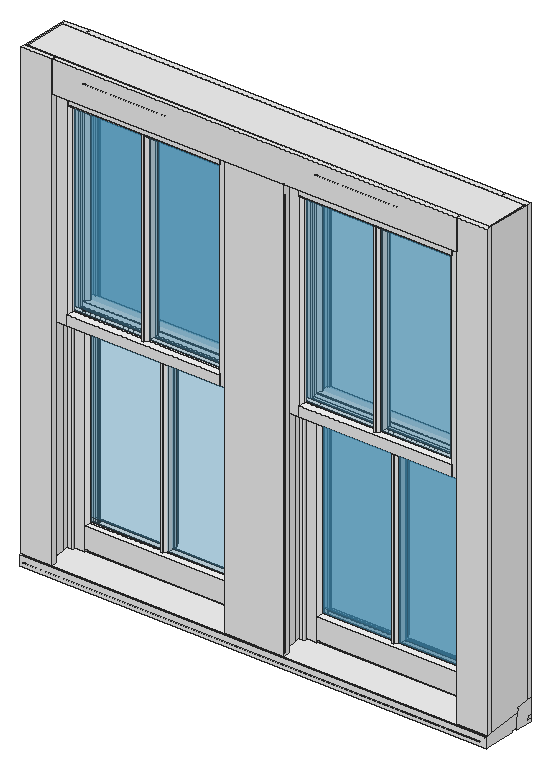
Revit family "B2-22V", category Windows, host Wall, Revit 2012 (continued)
Dimensions and locks
  locked: plane 6 "Sill" to plane 18 at 33
  locked: plane 19 to plane 7 "Top" at 82
  locked: plane 6 "Sill" to plane 20 at 68
  locked: plane 3 "Center (Left/Right)" to plane 21 at 68
  locked: plane 5 "Right" to plane 22 at 82
  locked: plane 3 "Center (Left/Right)" to plane 23 at 78
  plane 25 to plane 9 = 22 mm
  plane 9 to plane 24 = 22 mm
  locked: Sweep 22 sketch curve to Sweep 22 sketch curve at 2  (x3)
  locked: Sweep 22 sketch curve to Sweep 22 sketch curve at 12
  locked: Sweep 22 sketch curve to Sweep 22 sketch curve at 9.301  (x2)
  locked: Sweep 22 sketch curve to Sweep 22 sketch curve at 5  (x2)
  locked: Sweep 22 sketch curve to Sweep 22 sketch curve at 12.954
  locked: plane 3 "Center (Left/Right)" to plane 26 at 122.245
  locked: plane 3 "Center (Left/Right)" to plane 27 at 122.245
  locked: Sweep 26 sketch curve to Sweep 26 sketch curve at 2  (x3)
  locked: Sweep 26 sketch curve to Sweep 26 sketch curve at 12
  locked: Sweep 26 sketch curve to Sweep 26 sketch curve at 9.301  (x2)
  locked: Sweep 26 sketch curve to Sweep 26 sketch curve at 5  (x2)
  locked: Sweep 26 sketch curve to Sweep 26 sketch curve at 12.954
  locked: Sweep 29 sketch curve to Sweep 29 sketch curve at 2  (x3)
  locked: Sweep 29 sketch curve to Sweep 29 sketch curve at 12
  locked: Sweep 29 sketch curve to Sweep 29 sketch curve at 9.301  (x2)
  locked: Sweep 29 sketch curve to Sweep 29 sketch curve at 5  (x2)
  locked: Sweep 29 sketch curve to Sweep 29 sketch curve at 12.954
  locked: Sweep 30 sketch curve to Sweep 30 sketch curve at 2  (x3)
  locked: Sweep 30 sketch curve to Sweep 30 sketch curve at 12
  locked: Sweep 30 sketch curve to Sweep 30 sketch curve at 9.301  (x2)
  locked: Sweep 30 sketch curve to Sweep 30 sketch curve at 5  (x2)
  locked: Sweep 30 sketch curve to Sweep 30 sketch curve at 12.954
  equal spacing: plane 3 "Center (Left/Right)", plane 28, plane 4 "Left"
  locked: Extrusion 59 to Extrusion 59 at 4
  locked: Extrusion 60 to Extrusion 60 at 4
  locked: Extrusion 61 to Extrusion 61 at 4
  locked: Extrusion 62 to Extrusion 62 at 4
  locked: Extrusion 63 to Extrusion 63 at 4
  locked: Extrusion 64 to Extrusion 64 at 4
  locked: Extrusion 65 to Extrusion 65 at 4
  locked: Extrusion 66 to Extrusion 66 at 4
  locked: Extrusion 67 to Extrusion 67 at 4
  locked: Extrusion 68 to Extrusion 68 at 4
  locked: Extrusion 69 to Extrusion 69 at 4
  locked: Extrusion 70 to Extrusion 70 at 4
  locked: Extrusion 71 to Extrusion 71 at 4
  locked: Extrusion 72 to Extrusion 72 at 4
  locked: Extrusion 73 to Extrusion 73 at 4
  locked: Extrusion 74 to Extrusion 74 at 4
  locked: Extrusion 75 to Extrusion 75 at 4
  locked: Extrusion 76 to Extrusion 76 at 4
  locked: Extrusion 77 to Extrusion 77 at 4
  locked: Extrusion 78 to Extrusion 78 at 4
  locked: plane 30 to plane 7 "Top" at 86
  Sweep 87 sketch curve to Sweep 87 sketch curve = 25 mm
  Sweep 87 sketch curve to Sweep 87 sketch curve = 16 mm
  locked: Sweep 87 sketch curve to Sweep 87 sketch curve at 2
  locked: Sweep 87 sketch curve to Sweep 87 sketch curve at 3
  locked: Sweep 87 sketch curve to Sweep 87 sketch curve at 4
  Sweep 12 to Sweep 26 sketch curve = 23.632 mm
  equal spacing: plane 27, plane 29, plane 13
  aligned and locked: plane 7 "Top" to Opening 1 sketch curve
  aligned and locked: plane 6 "Sill" to Opening 1 sketch curve  (x2)
  aligned and locked: plane 5 "Right" to Opening 1 sketch curve
  aligned and locked: plane 4 "Left" to Opening 1 sketch curve
  aligned and locked: level to plane 2
  aligned and locked: plane 7 "Top" to Sweep 2 sketch curve
  aligned and locked: plane 7 "Top" to Sweep 3 sketch curve
  aligned and locked: plane 7 "Top" to Sweep 1 sketch curve
  aligned and locked: plane 10 to Sweep 3 sketch curve
  aligned and locked: plane 11 to Sweep 3 sketch curve
  aligned and locked: Sweep 4 sketch curve to plane 5 "Right"
  aligned and locked: plane 6 "Sill" to Sweep 4 sketch curve
  aligned and locked: Sweep 5 sketch curve to plane 5 "Right"
  aligned and locked: plane 6 "Sill" to Sweep 5 sketch curve
  aligned and locked: Sweep 7 sketch curve to plane 4 "Left"
  aligned and locked: plane 6 "Sill" to Sweep 7 sketch curve
  aligned and locked: Sweep 6 sketch curve to plane 4 "Left"
  aligned and locked: plane 7 "Top" to Sweep 6 sketch curve
  aligned and locked: plane 6 "Sill" to Sweep 6 sketch curve
  aligned and locked: plane 5 "Right" to Sweep 8 sketch curve
  aligned and locked: plane 6 "Sill" to Sweep 8 sketch curve
  aligned and locked: plane 5 "Right" to Sweep 9 sketch curve
  aligned and locked: plane 6 "Sill" to Sweep 9 sketch curve
  aligned and locked: plane 6 "Sill" to Sweep 10 sketch curve
  aligned and locked: plane 4 "Left" to Sweep 10 sketch curve
  aligned and locked: plane 5 "Right" to Sweep 11 sketch curve
  aligned and locked: plane 4 "Left" to Sweep 11 sketch curve
  aligned and locked: plane 5 "Right" to Sweep 12 sketch curve
  aligned and locked: plane 4 "Left" to Sweep 12 sketch curve
  aligned and locked: plane 7 "Top" to Sweep 13 sketch curve
  aligned and locked: plane 16 to Sweep 14 sketch curve
  aligned and locked: plane 3 "Center (Left/Right)" to Sweep 14 sketch curve
  aligned and locked: plane 18 to Sweep 14 sketch curve
  aligned and locked: plane 3 "Center (Left/Right)" to Sweep 15 sketch curve
  aligned and locked: plane 16 to Sweep 15 sketch curve
  aligned and locked: plane 18 to Sweep 15 sketch curve
  aligned and locked: plane 3 "Center (Left/Right)" to Sweep 16 sketch curve
  aligned and locked: plane 16 to Sweep 16 sketch curve
  aligned and locked: plane 18 to Sweep 16 sketch curve
  aligned and locked: plane 3 "Center (Left/Right)" to Sweep 17 sketch curve
  aligned and locked: plane 18 to Sweep 17 sketch curve
  aligned and locked: plane 16 to Sweep 17 sketch curve
  aligned and locked: plane 3 "Center (Left/Right)" to Sweep 18 sketch curve
  aligned and locked: plane 16 to Sweep 18 sketch curve
  aligned and locked: plane 18 to Sweep 18 sketch curve
  aligned and locked: Sweep 19 sketch curve to plane 19
  aligned and locked: plane 20 to Sweep 19 sketch curve
  aligned and locked: plane 19 to Sweep 20 sketch curve
  aligned and locked: Sweep 20 sketch curve to plane 23
  aligned and locked: plane 22 to Sweep 20 sketch curve
  aligned and locked: Sweep 20 sketch curve to plane 20
  aligned and locked: Sweep 21 sketch curve to plane 24
  aligned and locked: plane 9 to curve 2
  aligned and locked: Sweep 22 sketch curve to Sweep 22 sketch curve
  aligned and locked: plane 4 "Left" to Sweep 23 sketch curve
  aligned and locked: plane 6 "Sill" to Sweep 23 sketch curve
  aligned and locked: plane 13 to Sweep 24 sketch curve
  aligned and locked: plane 26 to Sweep 25 sketch curve
  aligned and locked: plane 12 to Sweep 25 sketch curve
  aligned and locked: Sweep 25 sketch curve to plane 16
  aligned and locked: Sweep 22 sketch curve to plane 28
  aligned and locked: Sweep 26 sketch curve to Sweep 26 sketch curve
  aligned and locked: Sweep 26 sketch curve to plane 29
  aligned and locked: Sweep 27 sketch curve to plane 20
  aligned and locked: Sweep 28 sketch curve to plane 20
  aligned and locked: Sweep 29 sketch curve to Sweep 29 sketch curve
  aligned and locked: Sweep 30 sketch curve to Sweep 30 sketch curve
  aligned and locked: plane 14 to Sweep 31 sketch curve
  aligned and locked: plane 24 to Sweep 31 sketch curve
  aligned and locked: plane 29 to Sweep 31 sketch curve
  aligned and locked: plane 14 to Sweep 32 sketch curve
  aligned and locked: Sweep 32 sketch curve to plane 28
  aligned and locked: plane 24 to Sweep 32 sketch curve
  aligned and locked: Sweep 33 sketch curve to plane 29
  aligned and locked: plane 25 to Sweep 33 sketch curve
  aligned and locked: plane 15 to Sweep 33 sketch curve
  aligned and locked: plane 28 to Sweep 34 sketch curve
  aligned and locked: plane 15 to Sweep 34 sketch curve
  aligned and locked: plane 25 to Sweep 34 sketch curve
  aligned and locked: Sweep 28 to Sweep 30 sketch curve
  aligned and locked: plane 15 to Sweep 29 sketch curve
  aligned and locked: Sweep 35 sketch curve to plane 28
  aligned and locked: plane 14 to Sweep 35 sketch curve
  aligned and locked: plane 16 to Sweep 36 sketch curve
  aligned and locked: plane 9 to Sweep 36 sketch curve
  aligned and locked: Sweep 36 sketch curve to plane 22
  aligned and locked: plane 16 to Sweep 37 sketch curve
  aligned and locked: plane 22 to Sweep 37 sketch curve
  aligned and locked: plane 23 to Sweep 38 sketch curve
  aligned and locked: plane 9 to Sweep 38 sketch curve
  aligned and locked: plane 16 to Sweep 38 sketch curve
  aligned and locked: plane 21 to Sweep 39 sketch curve
  aligned and locked: plane 16 to Sweep 39 sketch curve
  aligned and locked: plane 21 to Sweep 40 sketch curve
  aligned and locked: plane 16 to Sweep 41 sketch curve
  aligned and locked: plane 9 to Sweep 41 sketch curve
  aligned and locked: plane 16 to Sweep 42 sketch curve
  aligned and locked: Sweep 43 sketch curve to plane 22
  aligned and locked: plane 9 to Sweep 43 sketch curve
  aligned and locked: plane 6 "Sill" to Sweep 43 sketch curve
  aligned and locked: plane 6 "Sill" to Sweep 44 sketch curve
  aligned and locked: plane 9 to Sweep 44 sketch curve
  aligned and locked: Sweep 44 sketch curve to plane 23
  aligned and locked: Sweep 45 sketch curve to plane 21
  aligned and locked: plane 6 "Sill" to Sweep 45 sketch curve
  aligned and locked: plane 9 to Sweep 45 sketch curve
  aligned and locked: plane 6 "Sill" to Sweep 46 sketch curve
  aligned and locked: plane 9 to Sweep 46 sketch curve
  aligned and locked: plane 16 to Sweep 24 sketch curve
  aligned and locked: plane 9 to Sweep 24 sketch curve
  aligned and locked: plane 6 "Sill" to Sweep 47 sketch curve
  aligned and locked: plane 9 to Sweep 47 sketch curve
  aligned and locked: plane 16 to Sweep 48 sketch curve
  aligned and locked: plane 13 to Sweep 48 sketch curve
  aligned and locked: plane 9 to Sweep 48 sketch curve
  aligned and locked: Sweep 49 sketch curve to plane 27
  aligned and locked: plane 16 to Sweep 49 sketch curve
  aligned and locked: plane 9 to Sweep 49 sketch curve
  aligned and locked: Sweep 50 sketch curve to plane 27
  aligned and locked: plane 6 "Sill" to Sweep 50 sketch curve
  aligned and locked: plane 9 to Sweep 50 sketch curve
  aligned and locked: plane 14 to Sweep 51 sketch curve
  aligned and locked: plane 9 to Sweep 51 sketch curve
  aligned and locked: Sweep 51 sketch curve to plane 27
  aligned and locked: plane 6 "Sill" to Sweep 52 sketch curve
  aligned and locked: plane 9 to Sweep 52 sketch curve
  aligned and locked: Sweep 52 sketch curve to plane 27
  aligned and locked: plane 9 to Sweep 53 sketch curve
  aligned and locked: plane 16 to Sweep 53 sketch curve
  aligned and locked: plane 26 to Sweep 53 sketch curve
  aligned and locked: plane 26 to Sweep 54 sketch curve
  aligned and locked: plane 6 "Sill" to Sweep 54 sketch curve
  aligned and locked: plane 9 to Sweep 54 sketch curve
  aligned and locked: plane 16 to Sweep 55 sketch curve
  aligned and locked: plane 9 to Sweep 55 sketch curve
  aligned and locked: plane 26 to Sweep 55 sketch curve
  aligned and locked: plane 16 to Sweep 56 sketch curve
  aligned and locked: Sweep 56 sketch curve to plane 12
  aligned and locked: plane 9 to Sweep 56 sketch curve
  aligned and locked: plane 6 "Sill" to Sweep 57 sketch curve
  aligned and locked: plane 9 to Sweep 57 sketch curve
  aligned and locked: Sweep 57 sketch curve to plane 12
  aligned and locked: plane 16 to Sweep 58 sketch curve
  aligned and locked: plane 9 to Sweep 58 sketch curve
  aligned and locked: Sweep 58 sketch curve to plane 12
  aligned and locked: plane 10 to Extrusion 59 sketch curve
  aligned and locked: plane 9 to Extrusion 59 sketch curve
  aligned and locked: Extrusion 59 sketch curve to plane 14
  aligned and locked: Extrusion 59 sketch curve to plane 27
  aligned and locked: Extrusion 60 to Sweep 51
  aligned and locked: plane 10 to Extrusion 60 sketch curve
  aligned and locked: Extrusion 60 sketch curve to plane 14
  aligned and locked: Extrusion 60 sketch curve to plane 27
  aligned and locked: plane 9 to Extrusion 60 sketch curve
  aligned and locked: Extrusion 61 to Sweep 49
  aligned and locked: plane 26 to Extrusion 68 sketch curve
  aligned and locked: plane 14 to Extrusion 68 sketch curve
  aligned and locked: plane 12 to Extrusion 68 sketch curve
  aligned and locked: Extrusion 68 sketch curve to plane 9
  aligned and locked: plane 15 to Extrusion 69 sketch curve
  aligned and locked: Extrusion 69 sketch curve to plane 13
  aligned and locked: Extrusion 69 sketch curve to plane 9
  aligned and locked: Extrusion 69 sketch curve to plane 27
  aligned and locked: plane 16 to Sweep 8 sketch curve
  aligned and locked: plane 16 to Sweep 9 sketch curve
  aligned and locked: plane 16 to Sweep 5 sketch curve
  aligned and locked: plane 16 to Sweep 10 sketch curve
  aligned and locked: plane 16 to Sweep 23 sketch curve
  aligned and locked: plane 16 to Sweep 7 sketch curve
  aligned and locked: Sweep 19 sketch curve to Sweep 14
  aligned and locked: plane 11 to Sweep 1 sketch curve
  aligned and locked: plane 7 "Top" to Sweep 81 sketch curve
  aligned and locked: plane 7 "Top" to Sweep 79 sketch curve
  aligned and locked: plane 7 "Top" to Sweep 80 sketch curve
  aligned and locked: plane 7 "Top" to Sweep 4 sketch curve
  aligned and locked: Sweep 84 sketch curve to Sweep 81
  aligned and locked: plane 22 to Sweep 84 sketch curve
  aligned and locked: plane 7 "Top" to Sweep 84 sketch curve
  aligned and locked: plane 25 to Sweep 42 sketch curve
  aligned and locked: plane 25 to Sweep 40 sketch curve
  aligned and locked: plane 16 to Sweep 40 sketch curve
  aligned and locked: plane 25 to Sweep 37 sketch curve
  aligned and locked: plane 12 to Sweep 88 sketch curve
  aligned and locked: plane 9 to Sweep 89 sketch curve
  aligned and locked: plane 13 to Sweep 89 sketch curve
  aligned and locked: Sweep 86 to Sweep 26 sketch curve
  aligned and locked: Sweep 25 to Sweep 22 sketch curve
  aligned and locked: Sweep 91 to Sweep 87 sketch curve
Automatic sketch dimensions
  Sweep 1 sketch curve to plane 10 = 0.079 mm
  Sweep 1 sketch curve to profile plane = 0 mm
  Sweep 1 sketch curve to profile plane = 6 mm
  Sweep 1 sketch curve to Sweep 1 sketch curve = 59 mm
  Sweep 1 sketch curve to Sweep 1 sketch curve = 8 mm
  Sweep 1 sketch curve to Sweep 1 sketch curve = 9 mm
  Sweep 1 sketch curve to Sweep 1 sketch curve = 6 mm
  Sweep 1 sketch curve to Sweep 1 sketch curve = 2.25 mm  (x2)
  Sweep 1 sketch curve to Sweep 1 sketch curve = 0 mm  (x10)
  Sweep 1 sketch curve to Sweep 1 sketch curve = 0.996 mm  (x5)
  Sweep 1 sketch curve to Sweep 1 sketch curve = 0.254 mm
  Sweep 1 sketch curve to Sweep 1 sketch curve = 0.508 mm  (x3)
  Sweep 1 sketch curve to Sweep 1 sketch curve = 5 mm  (x3)
  plane 1 "Center (Front/Back)" to Sweep 1 sketch curve = 67 mm
  Sweep 1 sketch curve to Sweep 1 sketch curve = 3 mm
  Sweep 1 sketch curve to Sweep 1 sketch curve = 0.456 mm  (x2)
  Sweep 1 sketch curve to Sweep 1 sketch curve = 0.819 mm
  Sweep 1 sketch curve to Sweep 1 sketch curve = 0.836 mm  (x2)
  Sweep 1 sketch curve to Sweep 1 sketch curve = 1.712 mm
  Sweep 1 sketch curve to Sweep 1 sketch curve = 13 mm
  Sweep 2 sketch curve to plane 4 "Left" = 5.921 mm
  plane 5 "Right" to Sweep 2 sketch curve = 5.921 mm
  Sweep 2 sketch curve to profile plane = 0 mm
  Sweep 2 sketch curve to profile plane = 6 mm
  Sweep 2 sketch curve to plane 1 "Center (Front/Back)" = 72 mm
  plane 1 "Center (Front/Back)" to Sweep 2 sketch curve = 72 mm
  Sweep 3 sketch curve to profile plane = 6 mm
  Sweep 3 sketch curve to Sweep 3 sketch curve = 59 mm  (x2)
  Sweep 3 sketch curve to Sweep 3 sketch curve = 8 mm  (x2)
  plane 1 "Center (Front/Back)" to Sweep 3 sketch curve = 4 mm
  Sweep 3 sketch curve to Sweep 3 sketch curve = 2 mm
  Sweep 3 sketch curve to Sweep 3 sketch curve = 7 mm
  Sweep 3 sketch curve to Sweep 3 sketch curve = 9 mm
  Sweep 3 sketch curve to plane 1 "Center (Front/Back)" = 4 mm
  Sweep 3 sketch curve to plane 1 "Center (Front/Back)" = 67 mm
  Sweep 3 sketch curve to Sweep 3 sketch curve = 0 mm  (x2)
  Sweep 3 sketch curve to Sweep 3 sketch curve = 5 mm  (x2)
  Sweep 3 sketch curve to Sweep 3 sketch curve = 63 mm
  profile plane to Sweep 4 sketch curve = 5.921 mm
  plane 1 "Center (Front/Back)" to Sweep 4 sketch curve = 72 mm
  Sweep 4 sketch curve to profile plane = 0.079 mm
  Sweep 4 sketch curve to Sweep 4 sketch curve = 0 mm  (x2)
  Sweep 4 sketch curve to Sweep 4 sketch curve = 15 mm
  Sweep 4 sketch curve to Sweep 4 sketch curve = 59.079 mm
  Sweep 4 sketch curve to Sweep 4 sketch curve = 34.921 mm
  Sweep 5 sketch curve to plane 1 "Center (Front/Back)" = 72 mm
  Sweep 5 sketch curve to Sweep 5 sketch curve = 5 mm  (x3)
  plane 1 "Center (Front/Back)" to Sweep 5 sketch curve = 67 mm
  Sweep 5 sketch curve to Sweep 5 sketch curve = 0 mm
  profile plane to Sweep 5 sketch curve = 82 mm
  Sweep 5 sketch curve to Sweep 5 sketch curve = 9 mm  (x3)
  Sweep 5 sketch curve to Sweep 5 sketch curve = 8 mm  (x2)
  Sweep 6 sketch curve to profile plane = 5.921 mm
  Sweep 6 sketch curve to plane 1 "Center (Front/Back)" = 72 mm
  profile plane to Sweep 6 sketch curve = 0.079 mm
  plane 1 "Center (Front/Back)" to Sweep 6 sketch curve = 72 mm
  Sweep 7 sketch curve to plane 1 "Center (Front/Back)" = 72 mm
  Sweep 7 sketch curve to Sweep 7 sketch curve = 5 mm  (x3)
  plane 1 "Center (Front/Back)" to Sweep 7 sketch curve = 67 mm
  Sweep 7 sketch curve to Sweep 7 sketch curve = 0 mm
  Sweep 7 sketch curve to profile plane = 56 mm
  Sweep 7 sketch curve to Sweep 7 sketch curve = 9 mm  (x3)
  Sweep 7 sketch curve to Sweep 7 sketch curve = 8 mm  (x2)
  Sweep 8 sketch curve to plane 1 "Center (Front/Back)" = 1.319 mm
  Sweep 8 sketch curve to profile plane = 7.159 mm
  Sweep 8 sketch curve to profile plane = 8.659 mm  (x2)
  Sweep 8 sketch curve to profile plane = 31.159 mm  (x2)
  Sweep 8 sketch curve to Sweep 8 sketch curve = 22.5 mm  (x6)
  plane 1 "Center (Front/Back)" to Sweep 8 sketch curve = 1.681 mm
  Sweep 8 sketch curve to Sweep 8 sketch curve = 1.5 mm
  Sweep 8 sketch curve to plane 1 "Center (Front/Back)" = 3.819 mm
  Sweep 8 sketch curve to Sweep 8 sketch curve = 20 mm
  Sweep 8 sketch curve to Sweep 8 sketch curve = 7 mm
  Sweep 8 sketch curve to Sweep 8 sketch curve = 14 mm
  Sweep 8 sketch curve to Sweep 8 sketch curve = 11.5 mm  (x2)
  plane 1 "Center (Front/Back)" to Sweep 8 sketch curve = 0.181 mm
  Sweep 9 sketch curve to profile plane = 34 mm  (x2)
  Sweep 9 sketch curve to plane 1 "Center (Front/Back)" = 21.284 mm
  Sweep 9 sketch curve to Sweep 9 sketch curve = 45 mm  (x2)
  Sweep 9 sketch curve to Sweep 9 sketch curve = 0 mm  (x2)
  Sweep 9 sketch curve to Sweep 9 sketch curve = 3 mm  (x2)
  Sweep 9 sketch curve to plane 1 "Center (Front/Back)" = 27.784 mm
  Sweep 9 sketch curve to Sweep 9 sketch curve = 16 mm  (x2)
  Sweep 9 sketch curve to Sweep 9 sketch curve = 6.5 mm  (x2)
  plane 1 "Center (Front/Back)" to Sweep 9 sketch curve = 20.716 mm
  plane 1 "Center (Front/Back)" to Sweep 9 sketch curve = 27.216 mm
  Sweep 10 sketch curve to plane 1 "Center (Front/Back)" = 3.819 mm
  profile plane to Sweep 10 sketch curve = 96.159 mm
  Sweep 10 sketch curve to Sweep 10 sketch curve = 14 mm
  plane 1 "Center (Front/Back)" to Sweep 10 sketch curve = 4.181 mm
  Sweep 10 sketch curve to Sweep 10 sketch curve = 7 mm
  plane 1 "Center (Front/Back)" to Sweep 10 sketch curve = 1.681 mm
  Sweep 10 sketch curve to Sweep 10 sketch curve = 20 mm
  profile plane to Sweep 10 sketch curve = 53.659 mm  (x2)
  profile plane to Sweep 10 sketch curve = 31.159 mm  (x2)
  profile plane to Sweep 10 sketch curve = 8.659 mm  (x2)
  Sweep 10 sketch curve to plane 1 "Center (Front/Back)" = 1.319 mm
  profile plane to Sweep 10 sketch curve = 7.159 mm
  Sweep 10 sketch curve to Sweep 10 sketch curve = 11.5 mm  (x2)
  Sweep 10 sketch curve to Sweep 10 sketch curve = 22.5 mm  (x4)
  Sweep 11 sketch curve to plane 6 "Sill" = 0 mm
  Sweep 11 sketch curve to profile plane = 0 mm
  Sweep 11 sketch curve to Sweep 11 sketch curve = 10 mm  (x3)
  profile plane to Sweep 11 sketch curve = 33 mm
  Sweep 11 sketch curve to Sweep 11 sketch curve = 15 mm
  Sweep 11 sketch curve to Sweep 11 sketch curve = 4.913 mm  (x2)
  Sweep 11 sketch curve to Sweep 11 sketch curve = 3 mm
  Sweep 11 sketch curve to Sweep 11 sketch curve = 4.175 mm
  Sweep 11 sketch curve to plane 1 "Center (Front/Back)" = 87 mm
  Sweep 11 sketch curve to Sweep 11 sketch curve = 0 mm
  Sweep 11 sketch curve to Sweep 11 sketch curve = 20 mm
  Sweep 11 sketch curve to plane 1 "Center (Front/Back)" = 38 mm
  Sweep 11 sketch curve to Sweep 11 sketch curve = 5 mm
  Sweep 11 sketch curve to plane 1 "Center (Front/Back)" = 33 mm
  Sweep 12 sketch curve to plane 6 "Sill" = 0 mm
  Sweep 12 sketch curve to profile plane = 0 mm  (x2)
  Sweep 12 sketch curve to Sweep 12 sketch curve = 2 mm  (x2)
  Sweep 12 sketch curve to Sweep 12 sketch curve = 5 mm  (x3)
  Sweep 12 sketch curve to Sweep 12 sketch curve = 28.121 mm
  Sweep 12 sketch curve to Sweep 12 sketch curve = 28 mm
  Sweep 12 sketch curve to Sweep 12 sketch curve = 2.978 mm
  Sweep 12 sketch curve to Sweep 12 sketch curve = 15 mm
  Sweep 12 sketch curve to plane 1 "Center (Front/Back)" = 38 mm
  Sweep 12 sketch curve to plane 1 "Center (Front/Back)" = 13 mm
  plane 1 "Center (Front/Back)" to Sweep 12 sketch curve = 80 mm
  Sweep 12 sketch curve to Sweep 12 sketch curve = 3 mm
  Sweep 12 sketch curve to Sweep 12 sketch curve = 0.366 mm
  Sweep 13 sketch curve to profile plane = 3.819 mm
  Sweep 13 sketch curve to profile plane = 75 mm
  Sweep 13 sketch curve to Sweep 13 sketch curve = 7 mm
  Sweep 13 sketch curve to Sweep 13 sketch curve = 10.983 mm
  Sweep 13 sketch curve to Sweep 13 sketch curve = 0 mm
  Sweep 13 sketch curve to Sweep 13 sketch curve = 3 mm  (x3)
  Sweep 13 sketch curve to Sweep 13 sketch curve = 6 mm  (x2)
  Sweep 13 sketch curve to Sweep 13 sketch curve = 7.017 mm
  profile plane to Sweep 13 sketch curve = 5.47 mm
  Sweep 13 sketch curve to Sweep 13 sketch curve = 29.983 mm
  profile plane to Sweep 13 sketch curve = 65.47 mm
  profile plane to Sweep 13 sketch curve = 55.47 mm
  Sweep 13 sketch curve to Sweep 13 sketch curve = 10 mm
  profile plane to Sweep 13 sketch curve = 0.181 mm
  Sweep 13 sketch curve to Sweep 13 sketch curve = 5 mm
  Sweep 13 sketch curve to Sweep 13 sketch curve = 12 mm
  Sweep 14 sketch curve to profile plane = 87 mm
  Sweep 14 sketch curve to Sweep 14 sketch curve = 15 mm  (x4)
  Sweep 14 sketch curve to Sweep 14 sketch curve = 5 mm  (x7)
  profile plane to Sweep 14 sketch curve = 67 mm
  Sweep 14 sketch curve to Sweep 14 sketch curve = 0 mm  (x10)
  Sweep 14 sketch curve to Sweep 14 sketch curve = 3 mm  (x3)
  Sweep 14 sketch curve to Sweep 14 sketch curve = 0.391 mm  (x2)
  Sweep 14 sketch curve to Sweep 14 sketch curve = 0.41 mm  (x2)
  Sweep 14 sketch curve to Sweep 14 sketch curve = 0.8 mm  (x2)
  Sweep 14 sketch curve to Sweep 14 sketch curve = 1.08 mm
  Sweep 14 sketch curve to Sweep 14 sketch curve = 0.69 mm
  Sweep 14 sketch curve to Sweep 14 sketch curve = 1.099 mm
  Sweep 14 sketch curve to Sweep 14 sketch curve = 1.07 mm  (x3)
  Sweep 14 sketch curve to Sweep 14 sketch curve = 1.44 mm  (x2)
  Sweep 14 sketch curve to Sweep 14 sketch curve = 13 mm
  profile plane to Sweep 14 sketch curve = 96.266 mm
  Sweep 14 sketch curve to Sweep 14 sketch curve = 2.25 mm  (x4)
  Sweep 14 sketch curve to Sweep 14 sketch curve = 0.009 mm
  Sweep 14 sketch curve to Sweep 14 sketch curve = 0.056 mm
  Sweep 14 sketch curve to Sweep 14 sketch curve = 0.672 mm
  Sweep 14 sketch curve to Sweep 14 sketch curve = 0.919 mm  (x4)
  Sweep 14 sketch curve to Sweep 14 sketch curve = 0.854 mm  (x4)
  Sweep 14 sketch curve to Sweep 14 sketch curve = 0.663 mm  (x4)
  Sweep 14 sketch curve to Sweep 14 sketch curve = 0.86 mm  (x2)
  Sweep 14 sketch curve to Sweep 14 sketch curve = 0.724 mm  (x2)
  Sweep 14 sketch curve to Sweep 14 sketch curve = 0.907 mm  (x2)
  profile plane to Sweep 14 sketch curve = 78.266 mm
  Sweep 14 sketch curve to Sweep 14 sketch curve = 9 mm  (x4)
  Sweep 14 sketch curve to Sweep 14 sketch curve = 8 mm  (x4)
  Sweep 14 sketch curve to profile plane = 3.733 mm
  Sweep 14 sketch curve to profile plane = 52.266 mm
  Sweep 14 sketch curve to Sweep 14 sketch curve = 57.533 mm
  Sweep 14 sketch curve to Sweep 14 sketch curve = 0.004 mm
  Sweep 14 sketch curve to Sweep 14 sketch curve = 0.008 mm
  Sweep 14 sketch curve to Sweep 14 sketch curve = 0.046 mm
  Sweep 14 sketch curve to Sweep 14 sketch curve = 0.91 mm
  Sweep 15 sketch curve to plane 1 "Center (Front/Back)" = 72 mm  (x2)
  Sweep 15 sketch curve to Sweep 15 sketch curve = 5 mm  (x6)
  plane 1 "Center (Front/Back)" to Sweep 15 sketch curve = 67 mm  (x2)
  Sweep 15 sketch curve to Sweep 15 sketch curve = 0 mm  (x2)
  profile plane to Sweep 15 sketch curve = 78.266 mm
  Sweep 15 sketch curve to Sweep 15 sketch curve = 9 mm  (x6)
  Sweep 15 sketch curve to Sweep 15 sketch curve = 8 mm  (x4)
  Sweep 15 sketch curve to profile plane = 52.266 mm
  Sweep 16 sketch curve to plane 1 "Center (Front/Back)" = 57.309 mm
  Sweep 16 sketch curve to Sweep 16 sketch curve = 22.5 mm  (x5)
  profile plane to Sweep 16 sketch curve = 4.79 mm  (x2)
  Sweep 16 sketch curve to plane 1 "Center (Front/Back)" = 12.309 mm
  Sweep 16 sketch curve to plane 1 "Center (Front/Back)" = 3.309 mm
  Sweep 16 sketch curve to plane 1 "Center (Front/Back)" = 0.809 mm
  plane 1 "Center (Front/Back)" to Sweep 16 sketch curve = 0.691 mm
  plane 1 "Center (Front/Back)" to Sweep 16 sketch curve = 2.191 mm
  Sweep 16 sketch curve to Sweep 16 sketch curve = 11.5 mm
  profile plane to Sweep 16 sketch curve = 27.29 mm  (x2)
  Sweep 16 sketch curve to Sweep 16 sketch curve = 1.5 mm
  Sweep 16 sketch curve to Sweep 16 sketch curve = 20 mm
  Sweep 16 sketch curve to Sweep 16 sketch curve = 7 mm
  Sweep 16 sketch curve to Sweep 16 sketch curve = 14 mm
  profile plane to Sweep 16 sketch curve = 3.29 mm
  Sweep 17 sketch curve to plane 1 "Center (Front/Back)" = 57.309 mm
  Sweep 17 sketch curve to Sweep 17 sketch curve = 22.5 mm  (x5)
  Sweep 17 sketch curve to profile plane = 4.79 mm  (x2)
  Sweep 17 sketch curve to plane 1 "Center (Front/Back)" = 12.309 mm
  Sweep 17 sketch curve to plane 1 "Center (Front/Back)" = 3.309 mm
  Sweep 17 sketch curve to plane 1 "Center (Front/Back)" = 0.809 mm
  plane 1 "Center (Front/Back)" to Sweep 17 sketch curve = 0.691 mm
  plane 1 "Center (Front/Back)" to Sweep 17 sketch curve = 2.191 mm
  Sweep 17 sketch curve to Sweep 17 sketch curve = 11.5 mm
  Sweep 17 sketch curve to profile plane = 3.29 mm
  Sweep 17 sketch curve to profile plane = 27.29 mm  (x2)
  Sweep 17 sketch curve to Sweep 17 sketch curve = 1.5 mm
  Sweep 17 sketch curve to Sweep 17 sketch curve = 20 mm
  Sweep 17 sketch curve to Sweep 17 sketch curve = 7 mm
  Sweep 17 sketch curve to Sweep 17 sketch curve = 14 mm
  Sweep 18 sketch curve to plane 1 "Center (Front/Back)" = 49.017 mm  (x2)
  Sweep 18 sketch curve to plane 1 "Center (Front/Back)" = 42.517 mm
  Sweep 18 sketch curve to Sweep 18 sketch curve = 6.5 mm  (x6)
  Sweep 18 sketch curve to Sweep 18 sketch curve = 16 mm  (x4)
  plane 1 "Center (Front/Back)" to Sweep 18 sketch curve = 21.983 mm  (x2)
  plane 1 "Center (Front/Back)" to Sweep 18 sketch curve = 28.483 mm
  profile plane to Sweep 18 sketch curve = 78.266 mm
  Sweep 18 sketch curve to Sweep 18 sketch curve = 0 mm  (x3)
  Sweep 18 sketch curve to Sweep 18 sketch curve = 3 mm  (x6)
  profile plane to Sweep 18 sketch curve = 30.266 mm  (x2)
  Sweep 18 sketch curve to profile plane = 30.266 mm  (x2)
  Sweep 18 sketch curve to Sweep 18 sketch curve = 45 mm  (x2)
  plane 11 to Sweep 19 sketch curve = 18 mm
  Sweep 19 sketch curve to profile plane = 0 mm
  Sweep 19 sketch curve to profile plane = 3 mm
  Sweep 19 sketch curve to Sweep 19 sketch curve = 6 mm
  Sweep 19 sketch curve to profile plane = 81 mm
  Sweep 19 sketch curve to Sweep 19 sketch curve = 14 mm
  profile plane to Sweep 20 sketch curve = 0 mm
  Sweep 20 sketch curve to Sweep 20 sketch curve = 3 mm
  Sweep 20 sketch curve to Sweep 20 sketch curve = 6 mm
  Sweep 20 sketch curve to plane 1 "Center (Front/Back)" = 81 mm
  Sweep 20 sketch curve to Sweep 20 sketch curve = 14 mm
  Sweep 21 sketch curve to plane 9 = 0 mm
  Sweep 21 sketch curve to plane 12 = 6 mm
  Sweep 21 sketch curve to plane 26 = 5.993 mm
  curve 2 to plane 26 = 0 mm
  plane 12 to curve 2 = 0.25 mm
  Sweep 22 sketch curve to plane 24 = 0 mm
  profile plane to Sweep 22 sketch curve = 11.066 mm  (x2)
  profile plane to Sweep 22 sketch curve = 3.566 mm
  profile plane to Sweep 22 sketch curve = 3.515 mm
  Sweep 22 sketch curve to profile plane = 6.934 mm
  Sweep 22 sketch curve to profile plane = 8.934 mm
  profile plane to Sweep 22 sketch curve = 8.029 mm
  Sweep 22 sketch curve to Sweep 22 sketch curve = 2 mm  (x3)
  Sweep 22 sketch curve to Sweep 22 sketch curve = 6 mm
  Sweep 22 sketch curve to Sweep 22 sketch curve = 28.385 mm
  Sweep 22 sketch curve to Sweep 22 sketch curve = 2.8 mm
  profile plane to Sweep 23 sketch curve = 82 mm
  Sweep 23 sketch curve to Sweep 23 sketch curve = 0 mm
  Sweep 23 sketch curve to Sweep 23 sketch curve = 3 mm  (x4)
  profile plane to Sweep 23 sketch curve = 34 mm  (x2)
  Sweep 23 sketch curve to plane 1 "Center (Front/Back)" = 50.284 mm
  Sweep 23 sketch curve to Sweep 23 sketch curve = 6.5 mm  (x3)
  Sweep 23 sketch curve to Sweep 23 sketch curve = 16 mm  (x2)
  plane 1 "Center (Front/Back)" to Sweep 23 sketch curve = 20.716 mm
  plane 1 "Center (Front/Back)" to Sweep 23 sketch curve = 27.216 mm
  Sweep 24 sketch curve to profile plane = 0 mm
  Sweep 24 sketch curve to plane 1 "Center (Front/Back)" = 61.836 mm
  Sweep 24 sketch curve to Sweep 24 sketch curve = 3 mm  (x2)
  Sweep 24 sketch curve to Sweep 24 sketch curve = 8 mm  (x2)
  profile plane to Sweep 24 sketch curve = 16 mm
  Sweep 24 sketch curve to Sweep 24 sketch curve = 4 mm  (x2)
  Sweep 24 sketch curve to Sweep 24 sketch curve = 1 mm
  profile plane to Sweep 25 sketch curve = 41.983 mm
  Sweep 25 sketch curve to Sweep 25 sketch curve = 3 mm  (x2)
  Sweep 25 sketch curve to Sweep 25 sketch curve = 4 mm  (x2)
  Sweep 25 sketch curve to Sweep 25 sketch curve = 8 mm  (x2)
  Sweep 25 sketch curve to Sweep 25 sketch curve = 5 mm
  profile plane to Sweep 25 sketch curve = 7.97 mm
  Sweep 25 sketch curve to Sweep 25 sketch curve = 1 mm
  Sweep 26 sketch curve to plane 24 = 0 mm
  profile plane to Sweep 26 sketch curve = 8.934 mm  (x2)
  profile plane to Sweep 26 sketch curve = 1.485 mm
  profile plane to Sweep 26 sketch curve = 1.434 mm
  Sweep 26 sketch curve to profile plane = 9.066 mm
  Sweep 26 sketch curve to profile plane = 11.066 mm
  profile plane to Sweep 26 sketch curve = 26.029 mm
  Sweep 26 sketch curve to Sweep 26 sketch curve = 6 mm
  Sweep 26 sketch curve to Sweep 26 sketch curve = 2.5 mm
  Sweep 26 sketch curve to Sweep 26 sketch curve = 2.8 mm
  Sweep 26 sketch curve to Sweep 26 sketch curve = 2 mm  (x2)
  plane 26 to Sweep 27 sketch curve = 5.993 mm
  plane 12 to Sweep 27 sketch curve = 6 mm
  Sweep 27 sketch curve to plane 1 "Center (Front/Back)" = 16.045 mm
  profile plane to Sweep 27 sketch curve = 60.332 mm
  Sweep 27 sketch curve to plane 1 "Center (Front/Back)" = 4.045 mm
  Sweep 27 sketch curve to Sweep 27 sketch curve = 10 mm
  Sweep 27 sketch curve to Sweep 27 sketch curve = 16 mm
  Sweep 27 sketch curve to Sweep 27 sketch curve = 6 mm
  profile plane to Sweep 27 sketch curve = 7.349 mm
  profile plane to Sweep 27 sketch curve = 5.354 mm
  profile plane to Sweep 27 sketch curve = 4.998 mm  (x2)
  profile plane to Sweep 27 sketch curve = 2.376 mm
  profile plane to Sweep 27 sketch curve = 1.717 mm
  profile plane to Sweep 27 sketch curve = 1.349 mm
  Sweep 27 sketch curve to profile plane = 0.002 mm
  Sweep 27 sketch curve to profile plane = 12.685 mm
  Sweep 27 sketch curve to Sweep 27 sketch curve = 4.281 mm
  Sweep 27 sketch curve to Sweep 27 sketch curve = 5.007 mm
  Sweep 27 sketch curve to Sweep 27 sketch curve = 5.632 mm
  Sweep 27 sketch curve to Sweep 27 sketch curve = 1.784 mm
  Sweep 27 sketch curve to plane 1 "Center (Front/Back)" = 7.41 mm
  Sweep 27 sketch curve to Sweep 27 sketch curve = 2.978 mm
  Sweep 27 sketch curve to plane 1 "Center (Front/Back)" = 26.045 mm
  Sweep 27 sketch curve to Sweep 27 sketch curve = 14 mm
  Sweep 27 sketch curve to Sweep 27 sketch curve = 8 mm  (x2)
  Sweep 27 sketch curve to Sweep 27 sketch curve = 4 mm
  Sweep 27 sketch curve to Sweep 27 sketch curve = 11 mm
  Sweep 27 sketch curve to Sweep 27 sketch curve = 3 mm  (x2)
  Sweep 27 sketch curve to Sweep 27 sketch curve = 5 mm
  Sweep 27 sketch curve to Sweep 27 sketch curve = 0.366 mm
  Sweep 27 sketch curve to Sweep 27 sketch curve = 2 mm
  Sweep 28 sketch curve to plane 27 = 16 mm
  Sweep 28 sketch curve to plane 13 = 16 mm
  profile plane to Sweep 28 sketch curve = 60.332 mm
  Sweep 28 sketch curve to Sweep 28 sketch curve = 3 mm  (x2)
  Sweep 28 sketch curve to Sweep 28 sketch curve = 4 mm  (x2)
  Sweep 28 sketch curve to Sweep 28 sketch curve = 8 mm  (x2)
  Sweep 28 sketch curve to Sweep 28 sketch curve = 5 mm
  Sweep 28 sketch curve to plane 1 "Center (Front/Back)" = 61.836 mm
  Sweep 28 sketch curve to Sweep 28 sketch curve = 1 mm
  plane 28 to Sweep 29 sketch curve = 0 mm
  Sweep 29 sketch curve to plane 25 = 0 mm
  Sweep 29 sketch curve to profile plane = 3.566 mm
  Sweep 29 sketch curve to profile plane = 68.846 mm
  Sweep 29 sketch curve to Sweep 29 sketch curve = 2 mm  (x3)
  Sweep 29 sketch curve to Sweep 29 sketch curve = 2.5 mm
  profile plane to Sweep 29 sketch curve = 6.934 mm
  Sweep 29 sketch curve to Sweep 29 sketch curve = 6 mm
  profile plane to Sweep 29 sketch curve = 8.934 mm
  Sweep 29 sketch curve to profile plane = 22.461 mm
  Sweep 29 sketch curve to Sweep 29 sketch curve = 2.8 mm
  Sweep 29 sketch curve to profile plane = 3.515 mm
  Sweep 29 sketch curve to profile plane = 11.066 mm
  plane 29 to Sweep 30 sketch curve = 0 mm
  Sweep 30 sketch curve to plane 25 = 0 mm
  profile plane to Sweep 30 sketch curve = 3.566 mm
  Sweep 30 sketch curve to profile plane = 65.721 mm
  Sweep 30 sketch curve to Sweep 30 sketch curve = 2 mm  (x3)
  Sweep 30 sketch curve to Sweep 30 sketch curve = 2.5 mm
  Sweep 30 sketch curve to profile plane = 6.934 mm
  Sweep 30 sketch curve to Sweep 30 sketch curve = 6 mm
  Sweep 30 sketch curve to profile plane = 8.934 mm
  Sweep 30 sketch curve to profile plane = 19.336 mm
  Sweep 30 sketch curve to Sweep 30 sketch curve = 2.8 mm
  profile plane to Sweep 30 sketch curve = 3.515 mm
  profile plane to Sweep 30 sketch curve = 11.066 mm
  profile plane to Sweep 31 sketch curve = 10.277 mm
  Sweep 31 sketch curve to profile plane = 9.723 mm
  plane 1 "Center (Front/Back)" to Sweep 31 sketch curve = 31.765 mm
  Sweep 31 sketch curve to Sweep 31 sketch curve = 16 mm
  profile plane to Sweep 32 sketch curve = 10.348 mm
  Sweep 32 sketch curve to profile plane = 9.652 mm
  plane 1 "Center (Front/Back)" to Sweep 32 sketch curve = 31.765 mm
  Sweep 32 sketch curve to Sweep 32 sketch curve = 16 mm
  Sweep 33 sketch curve to profile plane = 10 mm
  Sweep 33 sketch curve to plane 1 "Center (Front/Back)" = 41.045 mm
  Sweep 33 sketch curve to Sweep 33 sketch curve = 16 mm
  profile plane to Sweep 33 sketch curve = 10 mm
  profile plane to Sweep 34 sketch curve = 10 mm
  Sweep 34 sketch curve to plane 1 "Center (Front/Back)" = 41.045 mm
  Sweep 34 sketch curve to Sweep 34 sketch curve = 16 mm
  Sweep 34 sketch curve to profile plane = 10 mm
  Sweep 35 sketch curve to plane 24 = 0 mm
  profile plane to Sweep 35 sketch curve = 9.723 mm
  Sweep 35 sketch curve to profile plane = 10.277 mm
  plane 1 "Center (Front/Back)" to Sweep 35 sketch curve = 31.765 mm
  Sweep 35 sketch curve to Sweep 35 sketch curve = 16 mm
  Sweep 36 sketch curve to profile plane = 4.045 mm  (x2)
  Sweep 36 sketch curve to Sweep 36 sketch curve = 0 mm
  Sweep 36 sketch curve to Sweep 36 sketch curve = 3 mm  (x3)
  Sweep 36 sketch curve to Sweep 36 sketch curve = 6 mm  (x3)
  Sweep 36 sketch curve to Sweep 36 sketch curve = 37 mm
  Sweep 36 sketch curve to plane 1 "Center (Front/Back)" = 5.271 mm
  Sweep 36 sketch curve to Sweep 36 sketch curve = 10 mm  (x2)
  Sweep 36 sketch curve to Sweep 36 sketch curve = 5 mm
  Sweep 36 sketch curve to Sweep 36 sketch curve = 2 mm
  Sweep 36 sketch curve to Sweep 36 sketch curve = 13 mm
  Sweep 36 sketch curve to Sweep 36 sketch curve = 12 mm
  Sweep 36 sketch curve to Sweep 36 sketch curve = 21 mm
  plane 1 "Center (Front/Back)" to Sweep 37 sketch curve = 5.625 mm
  Sweep 37 sketch curve to Sweep 37 sketch curve = 3 mm  (x4)
  profile plane to Sweep 37 sketch curve = 10.045 mm
  Sweep 37 sketch curve to Sweep 37 sketch curve = 21 mm
  profile plane to Sweep 37 sketch curve = 4.045 mm
  Sweep 37 sketch curve to Sweep 37 sketch curve = 12 mm  (x2)
  Sweep 37 sketch curve to Sweep 37 sketch curve = 13 mm
  Sweep 37 sketch curve to Sweep 37 sketch curve = 2 mm
  Sweep 37 sketch curve to Sweep 37 sketch curve = 5 mm
  Sweep 37 sketch curve to Sweep 37 sketch curve = 6 mm  (x2)
  Sweep 37 sketch curve to Sweep 37 sketch curve = 34 mm
  Sweep 37 sketch curve to Sweep 37 sketch curve = 10 mm
  profile plane to Sweep 37 sketch curve = 7.045 mm
  Sweep 38 sketch curve to plane 1 "Center (Front/Back)" = 15.271 mm
  profile plane to Sweep 38 sketch curve = 60.045 mm
  Sweep 38 sketch curve to plane 1 "Center (Front/Back)" = 5.271 mm
  Sweep 38 sketch curve to Sweep 38 sketch curve = 10 mm
  profile plane to Sweep 38 sketch curve = 44.045 mm
  profile plane to Sweep 38 sketch curve = 10.045 mm  (x2)
  profile plane to Sweep 38 sketch curve = 7.045 mm
  Sweep 38 sketch curve to Sweep 38 sketch curve = 3 mm  (x3)
  profile plane to Sweep 38 sketch curve = 4.045 mm
  Sweep 38 sketch curve to Sweep 38 sketch curve = 0 mm
  Sweep 38 sketch curve to Sweep 38 sketch curve = 8 mm
  Sweep 38 sketch curve to Sweep 38 sketch curve = 2 mm
  Sweep 38 sketch curve to Sweep 38 sketch curve = 13 mm
  Sweep 38 sketch curve to Sweep 38 sketch curve = 12 mm
  Sweep 38 sketch curve to Sweep 38 sketch curve = 21 mm
  Sweep 39 sketch curve to plane 9 = 0 mm
  Sweep 39 sketch curve to profile plane = 14.237 mm
  Sweep 39 sketch curve to Sweep 39 sketch curve = 0 mm  (x2)
  Sweep 39 sketch curve to Sweep 39 sketch curve = 3 mm  (x3)
  Sweep 39 sketch curve to Sweep 39 sketch curve = 6 mm  (x3)
  Sweep 39 sketch curve to Sweep 39 sketch curve = 37 mm
  Sweep 39 sketch curve to plane 1 "Center (Front/Back)" = 5.271 mm
  Sweep 39 sketch curve to Sweep 39 sketch curve = 10 mm  (x2)
  Sweep 39 sketch curve to Sweep 39 sketch curve = 5 mm
  Sweep 39 sketch curve to Sweep 39 sketch curve = 2 mm
  Sweep 39 sketch curve to Sweep 39 sketch curve = 13 mm
  Sweep 39 sketch curve to Sweep 39 sketch curve = 12 mm
  Sweep 39 sketch curve to Sweep 39 sketch curve = 21 mm
  Sweep 40 sketch curve to profile plane = 14.237 mm
  Sweep 40 sketch curve to Sweep 40 sketch curve = 0 mm  (x2)
  Sweep 40 sketch curve to Sweep 40 sketch curve = 3 mm  (x3)
  Sweep 40 sketch curve to Sweep 40 sketch curve = 6 mm  (x3)
  plane 1 "Center (Front/Back)" to Sweep 40 sketch curve = 5.354 mm
  Sweep 40 sketch curve to Sweep 40 sketch curve = 37 mm
  Sweep 40 sketch curve to Sweep 40 sketch curve = 10 mm
  Sweep 40 sketch curve to Sweep 40 sketch curve = 21 mm
  Sweep 40 sketch curve to Sweep 40 sketch curve = 12 mm  (x2)
  Sweep 40 sketch curve to Sweep 40 sketch curve = 13 mm
  Sweep 40 sketch curve to Sweep 40 sketch curve = 2 mm
  Sweep 40 sketch curve to Sweep 40 sketch curve = 5 mm
  Sweep 41 sketch curve to plane 11 = 18 mm
  Sweep 41 sketch curve to plane 1 "Center (Front/Back)" = 15.271 mm
  profile plane to Sweep 41 sketch curve = 60.045 mm
  Sweep 41 sketch curve to plane 1 "Center (Front/Back)" = 5.271 mm
  Sweep 41 sketch curve to Sweep 41 sketch curve = 10 mm
  profile plane to Sweep 41 sketch curve = 44.045 mm
  profile plane to Sweep 41 sketch curve = 10.045 mm  (x2)
  profile plane to Sweep 41 sketch curve = 7.045 mm
  Sweep 41 sketch curve to Sweep 41 sketch curve = 3 mm  (x3)
  profile plane to Sweep 41 sketch curve = 4.045 mm
  Sweep 41 sketch curve to Sweep 41 sketch curve = 0 mm
  Sweep 41 sketch curve to Sweep 41 sketch curve = 8 mm
  Sweep 41 sketch curve to Sweep 41 sketch curve = 2 mm
  Sweep 41 sketch curve to Sweep 41 sketch curve = 13 mm
  Sweep 41 sketch curve to Sweep 41 sketch curve = 12 mm
  Sweep 41 sketch curve to Sweep 41 sketch curve = 21 mm
  Sweep 42 sketch curve to plane 11 = 18 mm
  plane 1 "Center (Front/Back)" to Sweep 42 sketch curve = 5.625 mm
  Sweep 42 sketch curve to Sweep 42 sketch curve = 3 mm  (x3)
  Sweep 42 sketch curve to profile plane = 10.045 mm
  Sweep 42 sketch curve to Sweep 42 sketch curve = 21 mm
  Sweep 42 sketch curve to profile plane = 4.045 mm  (x3)
  Sweep 42 sketch curve to Sweep 42 sketch curve = 12 mm  (x2)
  Sweep 42 sketch curve to Sweep 42 sketch curve = 13 mm
  Sweep 42 sketch curve to Sweep 42 sketch curve = 2 mm
  Sweep 42 sketch curve to Sweep 42 sketch curve = 5 mm
  Sweep 42 sketch curve to Sweep 42 sketch curve = 6 mm  (x2)
  Sweep 42 sketch curve to Sweep 42 sketch curve = 37 mm
  Sweep 42 sketch curve to Sweep 42 sketch curve = 10 mm
  Sweep 43 sketch curve to profile plane = 4.045 mm  (x2)
  Sweep 43 sketch curve to Sweep 43 sketch curve = 0 mm
  Sweep 43 sketch curve to Sweep 43 sketch curve = 3 mm  (x3)
  Sweep 43 sketch curve to Sweep 43 sketch curve = 6 mm  (x3)
  Sweep 43 sketch curve to Sweep 43 sketch curve = 37 mm
  Sweep 43 sketch curve to plane 1 "Center (Front/Back)" = 5.271 mm
  Sweep 43 sketch curve to Sweep 43 sketch curve = 10 mm  (x2)
  Sweep 43 sketch curve to Sweep 43 sketch curve = 5 mm
  Sweep 43 sketch curve to Sweep 43 sketch curve = 2 mm
  Sweep 43 sketch curve to Sweep 43 sketch curve = 13 mm
  Sweep 43 sketch curve to Sweep 43 sketch curve = 12 mm
  Sweep 43 sketch curve to Sweep 43 sketch curve = 21 mm
  Sweep 44 sketch curve to profile plane = 15.271 mm
  profile plane to Sweep 44 sketch curve = 60.045 mm
  Sweep 44 sketch curve to profile plane = 5.271 mm
  Sweep 44 sketch curve to Sweep 44 sketch curve = 10 mm
  profile plane to Sweep 44 sketch curve = 44.045 mm
  profile plane to Sweep 44 sketch curve = 10.045 mm  (x2)
  profile plane to Sweep 44 sketch curve = 7.045 mm
  Sweep 44 sketch curve to Sweep 44 sketch curve = 3 mm  (x3)
  profile plane to Sweep 44 sketch curve = 4.045 mm
  Sweep 44 sketch curve to Sweep 44 sketch curve = 0 mm
  Sweep 44 sketch curve to Sweep 44 sketch curve = 8 mm
  Sweep 44 sketch curve to Sweep 44 sketch curve = 2 mm
  Sweep 44 sketch curve to Sweep 44 sketch curve = 13 mm
  Sweep 44 sketch curve to Sweep 44 sketch curve = 12 mm
  Sweep 44 sketch curve to Sweep 44 sketch curve = 21 mm
  Sweep 45 sketch curve to profile plane = 14.237 mm
  Sweep 45 sketch curve to Sweep 45 sketch curve = 0 mm  (x2)
  Sweep 45 sketch curve to Sweep 45 sketch curve = 3 mm  (x3)
  Sweep 45 sketch curve to Sweep 45 sketch curve = 6 mm  (x3)
  Sweep 45 sketch curve to Sweep 45 sketch curve = 37 mm
  Sweep 45 sketch curve to profile plane = 5.271 mm
  Sweep 45 sketch curve to Sweep 45 sketch curve = 10 mm  (x2)
  Sweep 45 sketch curve to Sweep 45 sketch curve = 5 mm
  Sweep 45 sketch curve to Sweep 45 sketch curve = 2 mm
  Sweep 45 sketch curve to Sweep 45 sketch curve = 13 mm
  Sweep 45 sketch curve to Sweep 45 sketch curve = 12 mm
  Sweep 45 sketch curve to Sweep 45 sketch curve = 21 mm
  Sweep 46 sketch curve to plane 11 = 18 mm
  Sweep 46 sketch curve to profile plane = 15.271 mm
  profile plane to Sweep 46 sketch curve = 60.045 mm
  Sweep 46 sketch curve to profile plane = 5.271 mm
  Sweep 46 sketch curve to Sweep 46 sketch curve = 10 mm
  profile plane to Sweep 46 sketch curve = 44.045 mm
  profile plane to Sweep 46 sketch curve = 10.045 mm  (x2)
  profile plane to Sweep 46 sketch curve = 7.045 mm
  Sweep 46 sketch curve to Sweep 46 sketch curve = 3 mm  (x3)
  profile plane to Sweep 46 sketch curve = 4.045 mm
  Sweep 46 sketch curve to Sweep 46 sketch curve = 0 mm
  Sweep 46 sketch curve to Sweep 46 sketch curve = 8 mm
  Sweep 46 sketch curve to Sweep 46 sketch curve = 2 mm
  Sweep 46 sketch curve to Sweep 46 sketch curve = 13 mm
  Sweep 46 sketch curve to Sweep 46 sketch curve = 12 mm
  Sweep 46 sketch curve to Sweep 46 sketch curve = 21 mm
  Sweep 47 sketch curve to plane 13 = 0 mm
  Sweep 47 sketch curve to profile plane = 0 mm
  Sweep 47 sketch curve to profile plane = 61.836 mm
  Sweep 47 sketch curve to Sweep 47 sketch curve = 3 mm  (x2)
  Sweep 47 sketch curve to Sweep 47 sketch curve = 8 mm  (x2)
  profile plane to Sweep 47 sketch curve = 16 mm
  Sweep 47 sketch curve to Sweep 47 sketch curve = 4 mm  (x2)
  Sweep 47 sketch curve to Sweep 47 sketch curve = 1 mm
  Sweep 48 sketch curve to profile plane = 0 mm
  Sweep 48 sketch curve to profile plane = 61.836 mm
  Sweep 48 sketch curve to Sweep 48 sketch curve = 3 mm  (x2)
  Sweep 48 sketch curve to Sweep 48 sketch curve = 8 mm  (x2)
  profile plane to Sweep 48 sketch curve = 16 mm
  Sweep 48 sketch curve to Sweep 48 sketch curve = 4 mm  (x2)
  Sweep 48 sketch curve to Sweep 48 sketch curve = 1 mm
  Sweep 49 sketch curve to profile plane = 0 mm
  Sweep 49 sketch curve to profile plane = 61.836 mm
  Sweep 49 sketch curve to Sweep 49 sketch curve = 3 mm
  Sweep 49 sketch curve to Sweep 49 sketch curve = 8 mm  (x2)
  Sweep 49 sketch curve to profile plane = 16 mm
  Sweep 49 sketch curve to Sweep 49 sketch curve = 4 mm  (x2)
  Sweep 49 sketch curve to Sweep 49 sketch curve = 1 mm
  Sweep 49 sketch curve to profile plane = 5 mm
  Sweep 50 sketch curve to profile plane = 0 mm
  Sweep 50 sketch curve to profile plane = 61.836 mm
  Sweep 50 sketch curve to Sweep 50 sketch curve = 3 mm
  Sweep 50 sketch curve to Sweep 50 sketch curve = 8 mm  (x2)
  Sweep 50 sketch curve to profile plane = 16 mm
  Sweep 50 sketch curve to Sweep 50 sketch curve = 4 mm  (x2)
  Sweep 50 sketch curve to Sweep 50 sketch curve = 1 mm
  Sweep 50 sketch curve to profile plane = 5 mm
  Sweep 51 sketch curve to profile plane = 0 mm
  Sweep 51 sketch curve to profile plane = 61.836 mm
  Sweep 51 sketch curve to Sweep 51 sketch curve = 3 mm
  Sweep 51 sketch curve to Sweep 51 sketch curve = 8 mm  (x2)
  Sweep 51 sketch curve to profile plane = 16 mm
  Sweep 51 sketch curve to Sweep 51 sketch curve = 4 mm  (x2)
  Sweep 51 sketch curve to Sweep 51 sketch curve = 1 mm
  Sweep 51 sketch curve to profile plane = 5 mm
  Sweep 52 sketch curve to profile plane = 0 mm
  Sweep 52 sketch curve to profile plane = 61.836 mm
  Sweep 52 sketch curve to Sweep 52 sketch curve = 3 mm
  Sweep 52 sketch curve to Sweep 52 sketch curve = 8 mm  (x2)
  Sweep 52 sketch curve to profile plane = 16 mm
  Sweep 52 sketch curve to Sweep 52 sketch curve = 4 mm  (x2)
  Sweep 52 sketch curve to Sweep 52 sketch curve = 1 mm
  Sweep 52 sketch curve to profile plane = 5 mm
  Sweep 53 sketch curve to profile plane = 0 mm
  Sweep 53 sketch curve to profile plane = 61.836 mm
  Sweep 53 sketch curve to Sweep 53 sketch curve = 3 mm  (x2)
  Sweep 53 sketch curve to Sweep 53 sketch curve = 8 mm  (x2)
  profile plane to Sweep 53 sketch curve = 16 mm
  Sweep 53 sketch curve to Sweep 53 sketch curve = 4 mm  (x2)
  Sweep 53 sketch curve to Sweep 53 sketch curve = 1 mm
  Sweep 54 sketch curve to profile plane = 0 mm
  Sweep 54 sketch curve to profile plane = 61.836 mm
  Sweep 54 sketch curve to Sweep 54 sketch curve = 3 mm  (x2)
  Sweep 54 sketch curve to Sweep 54 sketch curve = 8 mm  (x2)
  profile plane to Sweep 54 sketch curve = 16 mm
  Sweep 54 sketch curve to Sweep 54 sketch curve = 4 mm  (x2)
  Sweep 54 sketch curve to Sweep 54 sketch curve = 1 mm
  Sweep 55 sketch curve to profile plane = 0 mm
  Sweep 55 sketch curve to profile plane = 61.836 mm
  Sweep 55 sketch curve to Sweep 55 sketch curve = 3 mm  (x2)
  Sweep 55 sketch curve to Sweep 55 sketch curve = 8 mm  (x2)
  profile plane to Sweep 55 sketch curve = 16 mm
  Sweep 55 sketch curve to Sweep 55 sketch curve = 4 mm  (x2)
  Sweep 55 sketch curve to Sweep 55 sketch curve = 1 mm
  Sweep 56 sketch curve to profile plane = 0 mm
  Sweep 56 sketch curve to profile plane = 61.836 mm
  Sweep 56 sketch curve to Sweep 56 sketch curve = 3 mm
  Sweep 56 sketch curve to Sweep 56 sketch curve = 8 mm  (x2)
  Sweep 56 sketch curve to profile plane = 16 mm
  Sweep 56 sketch curve to Sweep 56 sketch curve = 4 mm  (x2)
  Sweep 56 sketch curve to Sweep 56 sketch curve = 1 mm
  Sweep 56 sketch curve to profile plane = 5 mm
  Sweep 57 sketch curve to profile plane = 0 mm
  Sweep 57 sketch curve to profile plane = 61.836 mm
  Sweep 57 sketch curve to Sweep 57 sketch curve = 3 mm
  Sweep 57 sketch curve to Sweep 57 sketch curve = 8 mm  (x2)
  Sweep 57 sketch curve to profile plane = 16 mm
  Sweep 57 sketch curve to Sweep 57 sketch curve = 4 mm  (x2)
  Sweep 57 sketch curve to Sweep 57 sketch curve = 1 mm
  Sweep 57 sketch curve to profile plane = 5 mm
  Sweep 58 sketch curve to profile plane = 0 mm
  Sweep 58 sketch curve to profile plane = 61.836 mm
  Sweep 58 sketch curve to Sweep 58 sketch curve = 3 mm
  Sweep 58 sketch curve to Sweep 58 sketch curve = 8 mm  (x2)
  Sweep 58 sketch curve to profile plane = 16 mm
  Sweep 58 sketch curve to Sweep 58 sketch curve = 4 mm  (x2)
  Sweep 58 sketch curve to Sweep 58 sketch curve = 1 mm
  Sweep 58 sketch curve to profile plane = 5 mm
  Extrusion 61 sketch curve to plane 14 = 0 mm
  plane 27 to Extrusion 61 sketch curve = 0 mm
  Extrusion 61 sketch curve to plane 9 = 0 mm
  Extrusion 61 sketch curve to plane 13 = 0 mm
  Extrusion 62 sketch curve to plane 14 = 0 mm
  plane 27 to Extrusion 62 sketch curve = 0 mm
  Extrusion 62 sketch curve to plane 9 = 0 mm
  Extrusion 62 sketch curve to plane 13 = 0 mm
  Extrusion 63 sketch curve to plane 14 = 0 mm
  Extrusion 63 sketch curve to plane 26 = 0 mm
  Extrusion 63 sketch curve to plane 9 = 0 mm
  plane 12 to Extrusion 63 sketch curve = 0 mm
  Extrusion 64 sketch curve to plane 14 = 0 mm
  Extrusion 64 sketch curve to plane 26 = 0 mm
  Extrusion 64 sketch curve to plane 9 = 0 mm
  plane 12 to Extrusion 64 sketch curve = 0 mm
  Extrusion 65 sketch curve to plane 14 = 0 mm
  Extrusion 65 sketch curve to plane 26 = 0 mm
  Extrusion 65 sketch curve to plane 9 = 0 mm
  plane 11 to Extrusion 65 sketch curve = 0 mm
  Extrusion 66 sketch curve to plane 14 = 0 mm
  Extrusion 66 sketch curve to plane 26 = 0 mm
  Extrusion 66 sketch curve to plane 9 = 0 mm
  plane 12 to Extrusion 66 sketch curve = 0 mm
  Extrusion 67 sketch curve to plane 14 = 0 mm
  Extrusion 67 sketch curve to plane 26 = 0 mm
  Extrusion 67 sketch curve to plane 9 = 0 mm
  plane 12 to Extrusion 67 sketch curve = 0 mm
  Extrusion 70 sketch curve to plane 9 = 0 mm
  plane 27 to Extrusion 70 sketch curve = 0 mm
  Extrusion 70 sketch curve to plane 13 = 0 mm
  Extrusion 70 sketch curve to plane 15 = 0 mm
  Extrusion 71 sketch curve to plane 9 = 0 mm
  plane 27 to Extrusion 71 sketch curve = 0 mm
  Extrusion 71 sketch curve to plane 13 = 0 mm
  Extrusion 71 sketch curve to plane 15 = 0 mm
  plane 27 to Extrusion 72 sketch curve = 0 mm
  Extrusion 72 sketch curve to plane 13 = 0 mm
  Extrusion 72 sketch curve to plane 15 = 0 mm
  Extrusion 72 sketch curve to plane 9 = 6 mm
  Extrusion 73 sketch curve to plane 9 = 0 mm
  Extrusion 73 sketch curve to plane 26 = 0 mm
  plane 12 to Extrusion 73 sketch curve = 0 mm
  Extrusion 73 sketch curve to plane 15 = 0 mm
  Extrusion 74 sketch curve to plane 9 = 0 mm
  Extrusion 74 sketch curve to plane 26 = 0 mm
  plane 12 to Extrusion 74 sketch curve = 0 mm
  Extrusion 74 sketch curve to plane 15 = 0 mm
  Extrusion 75 sketch curve to plane 9 = 0 mm
  plane 27 to Extrusion 75 sketch curve = 0 mm
  Extrusion 75 sketch curve to plane 13 = 0 mm
  Extrusion 75 sketch curve to plane 15 = 0 mm
  Extrusion 76 sketch curve to plane 9 = 0 mm
  plane 27 to Extrusion 76 sketch curve = 0 mm
  Extrusion 76 sketch curve to plane 13 = 0 mm
  Extrusion 76 sketch curve to plane 15 = 0 mm
  Extrusion 77 sketch curve to plane 9 = 0 mm
  Extrusion 77 sketch curve to plane 26 = 0 mm
  plane 12 to Extrusion 77 sketch curve = 0 mm
  Extrusion 77 sketch curve to plane 15 = 0 mm
  Extrusion 78 sketch curve to plane 9 = 0 mm
  Extrusion 78 sketch curve to plane 26 = 0 mm
  plane 12 to Extrusion 78 sketch curve = 0 mm
  Extrusion 78 sketch curve to plane 15 = 0 mm
  plane 5 "Right" to Sweep 79 sketch curve = 0 mm
  Sweep 79 sketch curve to plane 6 "Sill" = 0 mm
  Sweep 79 sketch curve to profile plane = 0 mm
  Sweep 79 sketch curve to profile plane = 87 mm
  Sweep 79 sketch curve to Sweep 79 sketch curve = 15 mm
  Sweep 79 sketch curve to Sweep 79 sketch curve = 0 mm  (x4)
  profile plane to Sweep 79 sketch curve = 5.921 mm
  Sweep 79 sketch curve to Sweep 79 sketch curve = 76.079 mm
  plane 4 "Left" to Sweep 80 sketch curve = 0 mm
  Sweep 80 sketch curve to plane 6 "Sill" = 0 mm
  plane 1 "Center (Front/Back)" to Sweep 80 sketch curve = 72 mm
  profile plane to Sweep 80 sketch curve = 0.079 mm
  Sweep 80 sketch curve to Sweep 80 sketch curve = 15 mm
  Sweep 80 sketch curve to profile plane = 5.921 mm
  Sweep 80 sketch curve to Sweep 80 sketch curve = 94 mm
  plane 4 "Left" to Sweep 81 sketch curve = 0 mm
  Sweep 81 sketch curve to plane 6 "Sill" = 0 mm
  Sweep 81 sketch curve to profile plane = 0 mm
  Sweep 81 sketch curve to profile plane = 87 mm
  Sweep 81 sketch curve to Sweep 81 sketch curve = 15 mm
  Sweep 81 sketch curve to Sweep 81 sketch curve = 0 mm  (x2)
  Sweep 81 sketch curve to Sweep 81 sketch curve = 65 mm
  Sweep 81 sketch curve to Sweep 81 sketch curve = 17 mm
  Sweep 82 sketch curve to plane 1 "Center (Front/Back)" = 0 mm
  plane 5 "Right" to Sweep 82 sketch curve = 5.921 mm
  Sweep 82 sketch curve to plane 5 "Right" = 0.079 mm
  profile plane to Sweep 82 sketch curve = 72 mm
  profile plane to Sweep 82 sketch curve = 33 mm
  Sweep 82 sketch curve to profile plane = 72 mm
  Sweep 82 sketch curve to Sweep 82 sketch curve = 0 mm  (x2)
  level to Sweep 82 sketch curve = 235.108 mm
  Sweep 82 sketch curve to Sweep 82 sketch curve = 12.892 mm
  Sweep 82 sketch curve to Sweep 82 sketch curve = 4.913 mm  (x2)
  Sweep 82 sketch curve to Sweep 82 sketch curve = 3 mm
  Sweep 82 sketch curve to Sweep 82 sketch curve = 4.789 mm
  Sweep 82 sketch curve to Sweep 82 sketch curve = 1336.386 mm
  Sweep 82 sketch curve to Sweep 82 sketch curve = 12 mm
